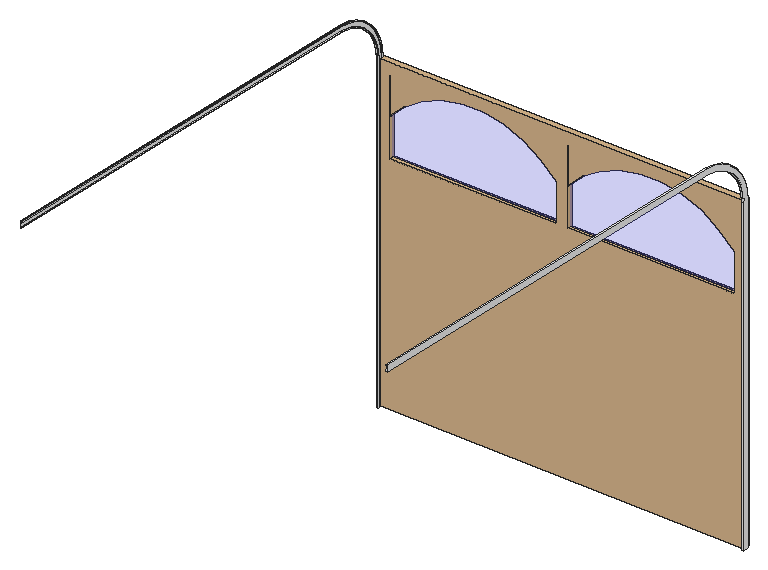
Revit family
Parameters (values of type "7Ft H x 8Ft W")
  Track Width = Width + 0' 2"  # 8' - 2"
  Track Height = Height + 1' 0"  # 8' - 0"
  Track Depth = 10' - 0"
  Track = Metal
  SmartBIM Object Version = 1  # constant formula
  SmartBIM Object Created By = "Reed Construction Data"  # constant formula
  Rough Width = 0' - 0"
  Rough Height = 0' - 0"
  Panel Thickness = 0' - 1 1/2"
  Manufacturer = ""
  Height = 7' - 0"
  Wall Closure = (empty or 0)
  Width = 8' - 0"
  Door Glass = Glass
  Door = Wood
  95 CSI = "08360"  # constant formula
  04 CSI = "08 36 13"  # constant formula
Types (3): name | Track Width | Width
  (no name) | 8' - 2" | 8' - 0"
  7Ft H x 8Ft W | 8' - 2" | 8' - 0"
  7Ft H x 16Ft W | 16' - 2" | 16' - 0"
Reference planes (in)
  plane 1 "Center (Front/Back)": y = 0
  plane 2 "Center (Left/Right)": x = 0
  plane 3 "Left": x = -48
  plane 4 "Right": x = 48
  plane 5 "Top": z = 84
  plane 6: x = -49
  plane 7: x = 49
  plane 8: y = -3.25
  plane 9: z = 60.75
  plane 10: z = 20.25
  plane 11: z = 40.5
  plane 12: z = 81
  plane 13: x = 24
  plane 14: x = -24
  plane 15: y = -2.5
  plane 16: y = -2.5
  plane 17 "Ext": y = -3.25
  plane 18: y = -2.5
  plane 19 "Int": y = -1.75
  plane 20: y = -2.5
  plane 21: z = 70.875
  plane 22: y = -3.0625
  plane 23: y = -1.9375
Forms (in)
  Extrusion 1, solid, material "Wood" <- "Door"
    sketch origin (0, 0, 0) x (1, 0, 0) y (0, 0, 1)
      loop
        line (-49, 84) -> (-49, 0) -> (49, 0) -> (49, 84) -> (-49, 84)
      loop
        line (46.5, 60.75) -> (46.5, 70.875)
        arc (46.5, 70.875) -> (24, 81) -> (1.5, 70.875) r 30.0625
        line (1.5, 70.875) -> (1.5, 60.75) -> (46.5, 60.75)
      loop
        line (-1.5, 60.75) -> (-1.5, 70.875)
        arc (-1.5, 70.875) -> (-24, 81) -> (-46.5, 70.875) r 30.0625
        line (-46.5, 70.875) -> (-46.5, 60.75) -> (-1.5, 60.75)
    from 1.75 to 3.25
  Extrusion 2, solid, material "Glass" <- "Door Glass"
    sketch origin (0, -3.25, 0) x (1, 0, 0) y (0, 0, 1)
      loop
        line (-1.5, 81) -> (-46.5, 81) -> (-46.5, 60.75) -> (-1.5, 60.75) -> (-1.5, 81)
      loop
        line (46.5, 81) -> (1.5, 81) -> (1.5, 60.75) -> (46.5, 60.75) -> (46.5, 81)
    from -0.875 to -0.625
  Extrusion 3, void
    sketch origin (0, -3.25, 0) x (1, 0, 0) y (0, 0, 1)
      loop
        arc (1.5, 70.875) -> (24, 80.94953) -> (46.5, 70.875) r 30.1625
        line (46.5, 70.875) -> (46.5, 81) -> (1.5, 81) -> (1.5, 70.875)
      loop
        line (-46.5, 81) -> (-46.5, 70.875)
        arc (-46.5, 70.875) -> (-24, 80.94953) -> (-1.5, 70.875) r 30.1625
        line (-1.5, 70.875) -> (-1.5, 81) -> (-46.5, 81)
    from -1.3125 to -0.1875
Cuts and joins
  Extrusion 3 cuts Extrusion 1
  Extrusion 3 cuts Extrusion 2
Lines and regions (in)
  Opening 1
    outline origin (-104, -1.75, 0) x (1, 0, 0) y (0, 0, 1)
      loop
        line (56, 0) -> (152, 0) -> (152, 84) -> (56, 84) -> (56, 0)
  model lines
    curve 1: line (25.5, -3.25, 59.25) -> (25.5, -3.25, 42)
    curve 2: line (25.5, -3.25, 42) -> (46.5, -3.25, 42)
    curve 3: line (46.5, -3.25, 42) -> (46.5, -3.25, 59.25)
    curve 4: line (46.5, -3.25, 59.25) -> (25.5, -3.25, 59.25)
    curve 5: line (45, -3.25, 57.75) -> (27, -3.25, 57.75)
    curve 6: line (27, -3.25, 57.75) -> (27, -3.25, 43.5)
    curve 7: line (27, -3.25, 43.5) -> (45, -3.25, 43.5)
    curve 8: line (45, -3.25, 43.5) -> (45, -3.25, 57.75)
    curve 9: line (1.5, -3.25, 59.25) -> (1.5, -3.25, 42)
    curve 10: line (1.5, -3.25, 42) -> (22.5, -3.25, 42)
    curve 11: line (22.5, -3.25, 42) -> (22.5, -3.25, 59.25)
    curve 12: line (22.5, -3.25, 59.25) -> (1.5, -3.25, 59.25)
    curve 13: line (21, -3.25, 57.75) -> (3, -3.25, 57.75)
    curve 14: line (3, -3.25, 57.75) -> (3, -3.25, 43.5)
    curve 15: line (3, -3.25, 43.5) -> (21, -3.25, 43.5)
    curve 16: line (21, -3.25, 43.5) -> (21, -3.25, 57.75)
    curve 17: line (-1.5, -3.25, 59.25) -> (-1.5, -3.25, 42)
    curve 18: line (-1.5, -3.25, 42) -> (-22.5, -3.25, 42)
    curve 19: line (-22.5, -3.25, 42) -> (-22.5, -3.25, 59.25)
    curve 20: line (-22.5, -3.25, 59.25) -> (-1.5, -3.25, 59.25)
    curve 21: line (-21, -3.25, 57.75) -> (-3, -3.25, 57.75)
    curve 22: line (-3, -3.25, 57.75) -> (-3, -3.25, 43.5)
    curve 23: line (-3, -3.25, 43.5) -> (-21, -3.25, 43.5)
    curve 24: line (-21, -3.25, 43.5) -> (-21, -3.25, 57.75)
    curve 25: line (-46.5, -3.25, 59.25) -> (-46.5, -3.25, 42)
    curve 26: line (-46.5, -3.25, 42) -> (-25.5, -3.25, 42)
    curve 27: line (-25.5, -3.25, 42) -> (-25.5, -3.25, 59.25)
    curve 28: line (-25.5, -3.25, 59.25) -> (-46.5, -3.25, 59.25)
    curve 29: line (-27, -3.25, 57.75) -> (-45, -3.25, 57.75)
    curve 30: line (-45, -3.25, 57.75) -> (-45, -3.25, 43.5)
    curve 31: line (-45, -3.25, 43.5) -> (-27, -3.25, 43.5)
    curve 32: line (-27, -3.25, 43.5) -> (-27, -3.25, 57.75)
    curve 33: line (-46.5, -3.25, 39) -> (-46.5, -3.25, 21.75)
    curve 34: line (-46.5, -3.25, 21.75) -> (-25.5, -3.25, 21.75)
    curve 35: line (-25.5, -3.25, 21.75) -> (-25.5, -3.25, 39)
    curve 36: line (-25.5, -3.25, 39) -> (-46.5, -3.25, 39)
    curve 37: line (-27, -3.25, 37.5) -> (-45, -3.25, 37.5)
    curve 38: line (-45, -3.25, 37.5) -> (-45, -3.25, 23.25)
    curve 39: line (-45, -3.25, 23.25) -> (-27, -3.25, 23.25)
    curve 40: line (-27, -3.25, 23.25) -> (-27, -3.25, 37.5)
    curve 41: line (-22.5, -3.25, 39) -> (-22.5, -3.25, 21.75)
    curve 42: line (-22.5, -3.25, 21.75) -> (-1.5, -3.25, 21.75)
    curve 43: line (-1.5, -3.25, 21.75) -> (-1.5, -3.25, 39)
    curve 44: line (-1.5, -3.25, 39) -> (-22.5, -3.25, 39)
    curve 45: line (-3, -3.25, 37.5) -> (-21, -3.25, 37.5)
    curve 46: line (-21, -3.25, 37.5) -> (-21, -3.25, 23.25)
    curve 47: line (-21, -3.25, 23.25) -> (-3, -3.25, 23.25)
    curve 48: line (-3, -3.25, 23.25) -> (-3, -3.25, 37.5)
    curve 49: line (22.5, -3.25, 39) -> (22.5, -3.25, 21.75)
    curve 50: line (22.5, -3.25, 21.75) -> (1.5, -3.25, 21.75)
    curve 51: line (1.5, -3.25, 21.75) -> (1.5, -3.25, 39)
    curve 52: line (1.5, -3.25, 39) -> (22.5, -3.25, 39)
    curve 53: line (3, -3.25, 37.5) -> (21, -3.25, 37.5)
    curve 54: line (21, -3.25, 37.5) -> (21, -3.25, 23.25)
    curve 55: line (21, -3.25, 23.25) -> (3, -3.25, 23.25)
    curve 56: line (3, -3.25, 23.25) -> (3, -3.25, 37.5)
    curve 57: line (25.5, -3.25, 39) -> (25.5, -3.25, 21.75)
    curve 58: line (25.5, -3.25, 21.75) -> (46.5, -3.25, 21.75)
    curve 59: line (46.5, -3.25, 21.75) -> (46.5, -3.25, 39)
    curve 60: line (46.5, -3.25, 39) -> (25.5, -3.25, 39)
    curve 61: line (45, -3.25, 37.5) -> (27, -3.25, 37.5)
    curve 62: line (27, -3.25, 37.5) -> (27, -3.25, 23.25)
    curve 63: line (27, -3.25, 23.25) -> (45, -3.25, 23.25)
    curve 64: line (45, -3.25, 23.25) -> (45, -3.25, 37.5)
    curve 65: line (-46.5, -3.25, 1.5) -> (-46.5, -3.25, 18.75)
    curve 66: line (-46.5, -3.25, 18.75) -> (-25.5, -3.25, 18.75)
    curve 67: line (-25.5, -3.25, 18.75) -> (-25.5, -3.25, 1.5)
    curve 68: line (-25.5, -3.25, 1.5) -> (-46.5, -3.25, 1.5)
    curve 69: line (-27, -3.25, 3) -> (-45, -3.25, 3)
    curve 70: line (-45, -3.25, 3) -> (-45, -3.25, 17.25)
    curve 71: line (-45, -3.25, 17.25) -> (-27, -3.25, 17.25)
    curve 72: line (-27, -3.25, 17.25) -> (-27, -3.25, 3)
    curve 73: line (-1.5, -3.25, 1.5) -> (-1.5, -3.25, 18.75)
    curve 74: line (-1.5, -3.25, 18.75) -> (-22.5, -3.25, 18.75)
    curve 75: line (-22.5, -3.25, 18.75) -> (-22.5, -3.25, 1.5)
    curve 76: line (-22.5, -3.25, 1.5) -> (-1.5, -3.25, 1.5)
    curve 77: line (-21, -3.25, 3) -> (-3, -3.25, 3)
    curve 78: line (-3, -3.25, 3) -> (-3, -3.25, 17.25)
    curve 79: line (-3, -3.25, 17.25) -> (-21, -3.25, 17.25)
    curve 80: line (-21, -3.25, 17.25) -> (-21, -3.25, 3)
    curve 81: line (1.5, -3.25, 1.5) -> (1.5, -3.25, 18.75)
    curve 82: line (1.5, -3.25, 18.75) -> (22.5, -3.25, 18.75)
    curve 83: line (22.5, -3.25, 18.75) -> (22.5, -3.25, 1.5)
    curve 84: line (22.5, -3.25, 1.5) -> (1.5, -3.25, 1.5)
    curve 85: line (21, -3.25, 3) -> (3, -3.25, 3)
    curve 86: line (3, -3.25, 3) -> (3, -3.25, 17.25)
    curve 87: line (3, -3.25, 17.25) -> (21, -3.25, 17.25)
    curve 88: line (21, -3.25, 17.25) -> (21, -3.25, 3)
    curve 89: line (46.5, -3.25, 1.5) -> (46.5, -3.25, 18.75)
    curve 90: line (46.5, -3.25, 18.75) -> (25.5, -3.25, 18.75)
    curve 91: line (25.5, -3.25, 18.75) -> (25.5, -3.25, 1.5)
    curve 92: line (25.5, -3.25, 1.5) -> (46.5, -3.25, 1.5)
    curve 93: line (27, -3.25, 3) -> (45, -3.25, 3)
    curve 94: line (45, -3.25, 3) -> (45, -3.25, 17.25)
    curve 95: line (45, -3.25, 17.25) -> (27, -3.25, 17.25)
    curve 96: line (27, -3.25, 17.25) -> (27, -3.25, 3)
    curve 97: line (25.5, -1.75, 59.25) -> (25.5, -1.75, 42)
    curve 98: line (25.5, -1.75, 42) -> (46.5, -1.75, 42)
    curve 99: line (46.5, -1.75, 42) -> (46.5, -1.75, 59.25)
    curve 100: line (46.5, -1.75, 59.25) -> (25.5, -1.75, 59.25)
    curve 101: line (45, -1.75, 57.75) -> (27, -1.75, 57.75)
    curve 102: line (27, -1.75, 57.75) -> (27, -1.75, 43.5)
    curve 103: line (27, -1.75, 43.5) -> (45, -1.75, 43.5)
    curve 104: line (45, -1.75, 43.5) -> (45, -1.75, 57.75)
    curve 105: line (1.5, -1.75, 59.25) -> (1.5, -1.75, 42)
    curve 106: line (1.5, -1.75, 42) -> (22.5, -1.75, 42)
    curve 107: line (22.5, -1.75, 42) -> (22.5, -1.75, 59.25)
    curve 108: line (22.5, -1.75, 59.25) -> (1.5, -1.75, 59.25)
    curve 109: line (21, -1.75, 57.75) -> (3, -1.75, 57.75)
    curve 110: line (3, -1.75, 57.75) -> (3, -1.75, 43.5)
    curve 111: line (3, -1.75, 43.5) -> (21, -1.75, 43.5)
    curve 112: line (21, -1.75, 43.5) -> (21, -1.75, 57.75)
    curve 113: line (-1.5, -1.75, 59.25) -> (-1.5, -1.75, 42)
    curve 114: line (-1.5, -1.75, 42) -> (-22.5, -1.75, 42)
    curve 115: line (-22.5, -1.75, 42) -> (-22.5, -1.75, 59.25)
    curve 116: line (-22.5, -1.75, 59.25) -> (-1.5, -1.75, 59.25)
    curve 117: line (-21, -1.75, 57.75) -> (-3, -1.75, 57.75)
    curve 118: line (-3, -1.75, 57.75) -> (-3, -1.75, 43.5)
    curve 119: line (-3, -1.75, 43.5) -> (-21, -1.75, 43.5)
    curve 120: line (-21, -1.75, 43.5) -> (-21, -1.75, 57.75)
    curve 121: line (-46.5, -1.75, 59.25) -> (-46.5, -1.75, 42)
    curve 122: line (-46.5, -1.75, 42) -> (-25.5, -1.75, 42)
    curve 123: line (-25.5, -1.75, 42) -> (-25.5, -1.75, 59.25)
    curve 124: line (-25.5, -1.75, 59.25) -> (-46.5, -1.75, 59.25)
    curve 125: line (-27, -1.75, 57.75) -> (-45, -1.75, 57.75)
    curve 126: line (-45, -1.75, 57.75) -> (-45, -1.75, 43.5)
    curve 127: line (-45, -1.75, 43.5) -> (-27, -1.75, 43.5)
    curve 128: line (-27, -1.75, 43.5) -> (-27, -1.75, 57.75)
    curve 129: line (-46.5, -1.75, 39) -> (-46.5, -1.75, 21.75)
    curve 130: line (-46.5, -1.75, 21.75) -> (-25.5, -1.75, 21.75)
    curve 131: line (-25.5, -1.75, 21.75) -> (-25.5, -1.75, 39)
    curve 132: line (-25.5, -1.75, 39) -> (-46.5, -1.75, 39)
    curve 133: line (-27, -1.75, 37.5) -> (-45, -1.75, 37.5)
    curve 134: line (-45, -1.75, 37.5) -> (-45, -1.75, 23.25)
    curve 135: line (-45, -1.75, 23.25) -> (-27, -1.75, 23.25)
    curve 136: line (-27, -1.75, 23.25) -> (-27, -1.75, 37.5)
    curve 137: line (-22.5, -1.75, 39) -> (-22.5, -1.75, 21.75)
    curve 138: line (-22.5, -1.75, 21.75) -> (-1.5, -1.75, 21.75)
    curve 139: line (-1.5, -1.75, 21.75) -> (-1.5, -1.75, 39)
    curve 140: line (-1.5, -1.75, 39) -> (-22.5, -1.75, 39)
    curve 141: line (-3, -1.75, 37.5) -> (-21, -1.75, 37.5)
    curve 142: line (-21, -1.75, 37.5) -> (-21, -1.75, 23.25)
    curve 143: line (-21, -1.75, 23.25) -> (-3, -1.75, 23.25)
    curve 144: line (-3, -1.75, 23.25) -> (-3, -1.75, 37.5)
    curve 145: line (22.5, -1.75, 39) -> (22.5, -1.75, 21.75)
    curve 146: line (22.5, -1.75, 21.75) -> (1.5, -1.75, 21.75)
    curve 147: line (1.5, -1.75, 21.75) -> (1.5, -1.75, 39)
    curve 148: line (1.5, -1.75, 39) -> (22.5, -1.75, 39)
    curve 149: line (3, -1.75, 37.5) -> (21, -1.75, 37.5)
    curve 150: line (21, -1.75, 37.5) -> (21, -1.75, 23.25)
    curve 151: line (21, -1.75, 23.25) -> (3, -1.75, 23.25)
    curve 152: line (3, -1.75, 23.25) -> (3, -1.75, 37.5)
    curve 153: line (25.5, -1.75, 39) -> (25.5, -1.75, 21.75)
    curve 154: line (25.5, -1.75, 21.75) -> (46.5, -1.75, 21.75)
    curve 155: line (46.5, -1.75, 21.75) -> (46.5, -1.75, 39)
    curve 156: line (46.5, -1.75, 39) -> (25.5, -1.75, 39)
    curve 157: line (45, -1.75, 37.5) -> (27, -1.75, 37.5)
    curve 158: line (27, -1.75, 37.5) -> (27, -1.75, 23.25)
    curve 159: line (27, -1.75, 23.25) -> (45, -1.75, 23.25)
    curve 160: line (45, -1.75, 23.25) -> (45, -1.75, 37.5)
    curve 161: line (-46.5, -1.75, 1.5) -> (-46.5, -1.75, 18.75)
    curve 162: line (-46.5, -1.75, 18.75) -> (-25.5, -1.75, 18.75)
    curve 163: line (-25.5, -1.75, 18.75) -> (-25.5, -1.75, 1.5)
    curve 164: line (-25.5, -1.75, 1.5) -> (-46.5, -1.75, 1.5)
    curve 165: line (-27, -1.75, 3) -> (-45, -1.75, 3)
    curve 166: line (-45, -1.75, 3) -> (-45, -1.75, 17.25)
    curve 167: line (-45, -1.75, 17.25) -> (-27, -1.75, 17.25)
    curve 168: line (-27, -1.75, 17.25) -> (-27, -1.75, 3)
    curve 169: line (-1.5, -1.75, 1.5) -> (-1.5, -1.75, 18.75)
    curve 170: line (-1.5, -1.75, 18.75) -> (-22.5, -1.75, 18.75)
    curve 171: line (-22.5, -1.75, 18.75) -> (-22.5, -1.75, 1.5)
    curve 172: line (-22.5, -1.75, 1.5) -> (-1.5, -1.75, 1.5)
    curve 173: line (-21, -1.75, 3) -> (-3, -1.75, 3)
    curve 174: line (-3, -1.75, 3) -> (-3, -1.75, 17.25)
    curve 175: line (-3, -1.75, 17.25) -> (-21, -1.75, 17.25)
    curve 176: line (-21, -1.75, 17.25) -> (-21, -1.75, 3)
    curve 177: line (1.5, -1.75, 1.5) -> (1.5, -1.75, 18.75)
    curve 178: line (1.5, -1.75, 18.75) -> (22.5, -1.75, 18.75)
    curve 179: line (22.5, -1.75, 18.75) -> (22.5, -1.75, 1.5)
    curve 180: line (22.5, -1.75, 1.5) -> (1.5, -1.75, 1.5)
    curve 181: line (21, -1.75, 3) -> (3, -1.75, 3)
    curve 182: line (3, -1.75, 3) -> (3, -1.75, 17.25)
    curve 183: line (3, -1.75, 17.25) -> (21, -1.75, 17.25)
    curve 184: line (21, -1.75, 17.25) -> (21, -1.75, 3)
    curve 185: line (46.5, -1.75, 1.5) -> (46.5, -1.75, 18.75)
    curve 186: line (46.5, -1.75, 18.75) -> (25.5, -1.75, 18.75)
    curve 187: line (25.5, -1.75, 18.75) -> (25.5, -1.75, 1.5)
    curve 188: line (25.5, -1.75, 1.5) -> (46.5, -1.75, 1.5)
    curve 189: line (27, -1.75, 3) -> (45, -1.75, 3)
    curve 190: line (45, -1.75, 3) -> (45, -1.75, 17.25)
    curve 191: line (45, -1.75, 17.25) -> (27, -1.75, 17.25)
    curve 192: line (27, -1.75, 17.25) -> (27, -1.75, 3)
    curve 193: line (3, -1.75, 57.75) -> (1.5, -1.75, 59.25)
    curve 194: line (3, -1.75, 43.5) -> (1.5, -1.75, 42)
    curve 195: line (21, -1.75, 57.75) -> (22.5, -1.75, 59.25)
    curve 196: line (21, -1.75, 43.5) -> (22.5, -1.75, 42)
    curve 197: line (45, -1.75, 57.75) -> (46.5, -1.75, 59.25)
    curve 198: line (45, -1.75, 43.5) -> (46.5, -1.75, 42)
    curve 199: line (27, -1.75, 57.75) -> (25.5, -1.75, 59.25)
    curve 200: line (27, -1.75, 43.5) -> (25.5, -1.75, 42)
    curve 201: line (45, -1.75, 23.25) -> (46.5, -1.75, 21.75)
    curve 202: line (45, -1.75, 37.5) -> (46.5, -1.75, 39)
    curve 203: line (27, -1.75, 23.25) -> (25.5, -1.75, 21.75)
    curve 204: line (27, -1.75, 37.5) -> (25.5, -1.75, 39)
    curve 205: line (45, -1.75, 17.25) -> (46.5, -1.75, 18.75)
    curve 206: line (45, -1.75, 3) -> (46.5, -1.75, 1.5)
    curve 207: line (27, -1.75, 17.25) -> (25.5, -1.75, 18.75)
    curve 208: line (27, -1.75, 3) -> (25.5, -1.75, 1.5)
    curve 209: line (3, -1.75, 17.25) -> (1.5, -1.75, 18.75)
    curve 210: line (3, -1.75, 3) -> (1.5, -1.75, 1.5)
    curve 211: line (21, -1.75, 17.25) -> (22.5, -1.75, 18.75)
    curve 212: line (21, -1.75, 3) -> (22.5, -1.75, 1.5)
    curve 213: line (-3, -1.75, 17.25) -> (-1.5, -1.75, 18.75)
    curve 214: line (-3, -1.75, 3) -> (-1.5, -1.75, 1.5)
    curve 215: line (-21, -1.75, 17.25) -> (-22.5, -1.75, 18.75)
    curve 216: line (-21, -1.75, 3) -> (-22.5, -1.75, 1.5)
    curve 217: line (-45, -1.75, 17.25) -> (-46.5, -1.75, 18.75)
    curve 218: line (-45, -1.75, 3) -> (-46.5, -1.75, 1.5)
    curve 219: line (-27, -1.75, 17.25) -> (-25.5, -1.75, 18.75)
    curve 220: line (-27, -1.75, 3) -> (-25.5, -1.75, 1.5)
    curve 221: line (-45, -1.75, 23.25) -> (-46.5, -1.75, 21.75)
    curve 222: line (-45, -1.75, 37.5) -> (-46.5, -1.75, 39)
    curve 223: line (-27, -1.75, 23.25) -> (-25.5, -1.75, 21.75)
    curve 224: line (-27, -1.75, 37.5) -> (-25.5, -1.75, 39)
    curve 225: line (-3, -1.75, 23.25) -> (-1.5, -1.75, 21.75)
    curve 226: line (-3, -1.75, 37.5) -> (-1.5, -1.75, 39)
    curve 227: line (-21, -1.75, 23.25) -> (-22.5, -1.75, 21.75)
    curve 228: line (-21, -1.75, 37.5) -> (-22.5, -1.75, 39)
    curve 229: line (3, -1.75, 23.25) -> (1.5, -1.75, 21.75)
    curve 230: line (3, -1.75, 37.5) -> (1.5, -1.75, 39)
    curve 231: line (21, -1.75, 23.25) -> (22.5, -1.75, 21.75)
    curve 232: line (21, -1.75, 37.5) -> (22.5, -1.75, 39)
    curve 233: line (-3, -1.75, 57.75) -> (-1.5, -1.75, 59.25)
    curve 234: line (-3, -1.75, 43.5) -> (-1.5, -1.75, 42)
    curve 235: line (-21, -1.75, 57.75) -> (-22.5, -1.75, 59.25)
    curve 236: line (-21, -1.75, 43.5) -> (-22.5, -1.75, 42)
    curve 237: line (-45, -1.75, 57.75) -> (-46.5, -1.75, 59.25)
    curve 238: line (-45, -1.75, 43.5) -> (-46.5, -1.75, 42)
    curve 239: line (-27, -1.75, 57.75) -> (-25.5, -1.75, 59.25)
    curve 240: line (-27, -1.75, 43.5) -> (-25.5, -1.75, 42)
    curve 241: line (-45, -3.25, 57.75) -> (-46.5, -3.25, 59.25)
    curve 242: line (-27, -3.25, 57.75) -> (-25.5, -3.25, 59.25)
    curve 243: line (-45, -3.25, 43.5) -> (-46.5, -3.25, 42)
    curve 244: line (-27, -3.25, 43.5) -> (-25.5, -3.25, 42)
    curve 245: line (-3, -3.25, 57.75) -> (-1.5, -3.25, 59.25)
    curve 246: line (-21, -3.25, 57.75) -> (-22.5, -3.25, 59.25)
    curve 247: line (-3, -3.25, 43.5) -> (-1.5, -3.25, 42)
    curve 248: line (-21, -3.25, 43.5) -> (-22.5, -3.25, 42)
    curve 249: line (3, -3.25, 57.75) -> (1.5, -3.25, 59.25)
    curve 250: line (21, -3.25, 57.75) -> (22.5, -3.25, 59.25)
    curve 251: line (3, -3.25, 43.5) -> (1.5, -3.25, 42)
    curve 252: line (21, -3.25, 43.5) -> (22.5, -3.25, 42)
    curve 253: line (45, -3.25, 57.75) -> (46.5, -3.25, 59.25)
    curve 254: line (27, -3.25, 57.75) -> (25.5, -3.25, 59.25)
    curve 255: line (45, -3.25, 43.5) -> (46.5, -3.25, 42)
    curve 256: line (27, -3.25, 43.5) -> (25.5, -3.25, 42)
    curve 257: line (45, -3.25, 23.25) -> (46.5, -3.25, 21.75)
    curve 258: line (27, -3.25, 23.25) -> (25.5, -3.25, 21.75)
    curve 259: line (45, -3.25, 37.5) -> (46.5, -3.25, 39)
    curve 260: line (27, -3.25, 37.5) -> (25.5, -3.25, 39)
    curve 261: line (3, -3.25, 23.25) -> (1.5, -3.25, 21.75)
    curve 262: line (21, -3.25, 23.25) -> (22.5, -3.25, 21.75)
    curve 263: line (3, -3.25, 37.5) -> (1.5, -3.25, 39)
    curve 264: line (21, -3.25, 37.5) -> (22.5, -3.25, 39)
    curve 265: line (-3, -3.25, 23.25) -> (-1.5, -3.25, 21.75)
    curve 266: line (-21, -3.25, 23.25) -> (-22.5, -3.25, 21.75)
    curve 267: line (-3, -3.25, 37.5) -> (-1.5, -3.25, 39)
    curve 268: line (-21, -3.25, 37.5) -> (-22.5, -3.25, 39)
    curve 269: line (-45, -3.25, 23.25) -> (-46.5, -3.25, 21.75)
    curve 270: line (-27, -3.25, 23.25) -> (-25.5, -3.25, 21.75)
    curve 271: line (-45, -3.25, 37.5) -> (-46.5, -3.25, 39)
    curve 272: line (-27, -3.25, 37.5) -> (-25.5, -3.25, 39)
    curve 273: line (-45, -3.25, 17.25) -> (-46.5, -3.25, 18.75)
    curve 274: line (-27, -3.25, 17.25) -> (-25.5, -3.25, 18.75)
    curve 275: line (-45, -3.25, 3) -> (-46.5, -3.25, 1.5)
    curve 276: line (-27, -3.25, 3) -> (-25.5, -3.25, 1.5)
    curve 277: line (-3, -3.25, 17.25) -> (-1.5, -3.25, 18.75)
    curve 278: line (-21, -3.25, 17.25) -> (-22.5, -3.25, 18.75)
    curve 279: line (-3, -3.25, 3) -> (-1.5, -3.25, 1.5)
    curve 280: line (-21, -3.25, 3) -> (-22.5, -3.25, 1.5)
    curve 281: line (3, -3.25, 17.25) -> (1.5, -3.25, 18.75)
    curve 282: line (21, -3.25, 17.25) -> (22.5, -3.25, 18.75)
    curve 283: line (3, -3.25, 3) -> (1.5, -3.25, 1.5)
    curve 284: line (21, -3.25, 3) -> (22.5, -3.25, 1.5)
    curve 285: line (45, -3.25, 17.25) -> (46.5, -3.25, 18.75)
    curve 286: line (27, -3.25, 17.25) -> (25.5, -3.25, 18.75)
    curve 287: line (45, -3.25, 3) -> (46.5, -3.25, 1.5)
    curve 288: line (27, -3.25, 3) -> (25.5, -3.25, 1.5)
Text (in)
  text "Exterior" at (-74.96733, 27.31104, 0), in view "Ref. Level"
  text "Interior" at (-76.69036, -30.31274, 0), in view "Ref. Level"
  text "Exterior" at (0, 40.15149, 123.01588), in view "Right"
  text "Interior" at (0, -64.39139, 123.01588), in view "Right"
  text "Interior" at (0, -31.01599, 123.00693), in view "Left"
  text "Exterior" at (0, 54.57065, 123.00693), in view "Left"
Dimensions and locks (in)
  equal spacing: plane 3 "Left", plane 2 "Center (Left/Right)", plane 4 "Right"
  "Height": level to plane 5 "Top"
  "Width": plane 3 "Left" to plane 4 "Right"
  locked: plane 6 to plane 3 "Left" at 1
  locked: plane 4 "Right" to plane 7 at 1
  locked: plane 12 to plane 5 "Top" at 3
  equal spacing: level, plane 10, plane 11, plane 9, plane 12
  equal spacing: plane 2 "Center (Left/Right)", plane 13, plane 4 "Right"
  equal spacing: plane 2 "Center (Left/Right)", plane 14, plane 3 "Left"
  locked: Extrusion 1 sketch curve to plane 4 "Right" at 1.5
  locked: Extrusion 1 sketch curve to plane 3 "Left" at 1.5
  host wall to plane 15 to plane 8 = 0' - 0 3/4", 0' - 0 3/4"
  curve 8 to curve 3 to plane 4 "Right" = 0' - 1 1/2" locked, 0' - 1 1/2" locked
  equal spacing: curve 5, curve 4, plane 9, locked at 1.5 each
  curve 6 to curve 1 to plane 13 = 0' - 1 1/2" locked, 0' - 1 1/2" locked
  plane 11 to curve 2 to curve 7 = 0' - 1 1/2" locked, 0' - 1 1/2" locked
  curve 16 to curve 11 to plane 13 = 0' - 1 1/2" locked, 0' - 1 1/2" locked
  curve 14 to curve 9 to plane 2 "Center (Left/Right)" = 0' - 1 1/2" locked, 0' - 1 1/2" locked
  plane 2 "Center (Left/Right)" to curve 17 to curve 22 = 0' - 1 1/2" locked, 0' - 1 1/2" locked
  plane 14 to curve 24 = 0' - 3"
  curve 32 to curve 27 to plane 14 = 0' - 1 1/2" locked, 0' - 1 1/2" locked
  plane 3 "Left" to curve 25 to curve 30 = 0' - 1 1/2" locked, 0' - 1 1/2" locked
  plane 11 to curve 36 to curve 37 = 0' - 1 1/2" locked, 0' - 1 1/2" locked
  curve 39 to curve 34 to plane 10 = 0' - 1 1/2" locked, 0' - 1 1/2" locked
  plane 10 to curve 66 to curve 71 = 0' - 1 1/2" locked, 0' - 1 1/2" locked
  curve 69 to curve 68 to level = 0' - 1 1/2" locked, 0' - 1 1/2" locked
  equal spacing: plane 17 "Ext", plane 18, plane 19 "Int"
  locked: curve 104 to curve 99 at 1.5
  locked: curve 101 to curve 100 at 1.5
  locked: curve 102 to curve 97 at 1.5
  locked: curve 98 to curve 103 at 1.5
  locked: curve 112 to curve 107 at 1.5
  locked: curve 110 to curve 105 at 1.5
  locked: curve 113 to curve 118 at 1.5
  locked: curve 128 to curve 123 at 1.5
  locked: curve 121 to curve 126 at 1.5
  locked: curve 132 to curve 133 at 1.5
  locked: curve 135 to curve 130 at 1.5
  locked: curve 162 to curve 167 at 1.5
  locked: curve 165 to curve 164 at 1.5
  "Panel Thickness": plane 19 "Int" to plane 17 "Ext"
  locked: Extrusion 2 to Extrusion 2 at 0.25
  plane 20 to host wall = 0' - 2 3/4"
  locked: plane 20 to Extrusion 2 at 0.125
  locked: Extrusion 2 to plane 20 at 0.125
  equal spacing: plane 12, plane 21, plane 9
  locked: plane 12 to Extrusion 1 sketch curve at 0  (x2)
  equal spacing: plane 3 "Left", plane 14, plane 2 "Center (Left/Right)"
  locked: Extrusion 1 to Extrusion 3 sketch curve at 3.05047  (x2)
  locked: plane 23 to plane 20 at 0.5625
  locked: plane 20 to plane 22 at 0.5625
  aligned and locked: plane 3 "Left" to Opening 1 sketch curve
  aligned and locked: plane 5 "Top" to Opening 1 sketch curve  (x2)
  aligned and locked: Opening 1 sketch curve to plane 4 "Right"
  aligned and locked: Opening 1 sketch curve to level
  aligned and locked: Extrusion 1 sketch curve to plane 6
  aligned and locked: Extrusion 1 sketch curve to plane 7
  aligned and locked: Extrusion 1 sketch curve to level
  aligned and locked: Extrusion 1 sketch curve to host wall
  aligned and locked: plane 9 to Extrusion 1 sketch curve  (x3)
  aligned and locked: Extrusion 1 sketch curve to plane 9
  aligned and locked: plane 15 to plane 16
  aligned and locked: curve 30 to curve 38
  aligned and locked: curve 25 to curve 33
  aligned and locked: curve 40 to curve 32
  aligned and locked: curve 35 to curve 27
  aligned and locked: curve 19 to curve 41
  aligned and locked: curve 24 to curve 46
  aligned and locked: curve 44 to curve 36
  aligned and locked: curve 45 to curve 37
  aligned and locked: curve 39 to curve 47
  aligned and locked: curve 34 to curve 42
  aligned and locked: curve 48 to curve 22
  aligned and locked: curve 43 to curve 17
  aligned and locked: curve 44 to curve 52
  aligned and locked: curve 45 to curve 53
  aligned and locked: curve 55 to curve 47
  aligned and locked: curve 50 to curve 42
  aligned and locked: curve 51 to curve 9
  aligned and locked: curve 56 to curve 14
  aligned and locked: curve 11 to curve 49
  aligned and locked: curve 16 to curve 54
  aligned and locked: curve 60 to curve 52
  aligned and locked: curve 61 to curve 53
  aligned and locked: curve 55 to curve 63
  aligned and locked: curve 50 to curve 58
  aligned and locked: curve 1 to curve 57
  aligned and locked: curve 6 to curve 62
  aligned and locked: curve 64 to curve 8
  aligned and locked: curve 59 to curve 3
  aligned and locked: curve 65 to curve 33
  aligned and locked: curve 70 to curve 38
  aligned and locked: curve 40 to curve 72
  aligned and locked: curve 35 to curve 67
  aligned and locked: curve 68 to curve 76
  aligned and locked: curve 74 to curve 66
  aligned and locked: curve 41 to curve 75
  aligned and locked: curve 46 to curve 80
  aligned and locked: curve 78 to curve 48
  aligned and locked: curve 73 to curve 43
  aligned and locked: curve 81 to curve 51
  aligned and locked: curve 86 to curve 56
  aligned and locked: curve 54 to curve 88
  aligned and locked: curve 49 to curve 83
  aligned and locked: curve 74 to curve 82
  aligned and locked: curve 79 to curve 87
  aligned and locked: curve 84 to curve 76
  aligned and locked: curve 85 to curve 77
  aligned and locked: curve 90 to curve 82
  aligned and locked: curve 95 to curve 87
  aligned and locked: curve 84 to curve 92
  aligned and locked: curve 85 to curve 93
  aligned and locked: curve 57 to curve 91
  aligned and locked: curve 62 to curve 96
  aligned and locked: curve 94 to curve 64
  aligned and locked: curve 89 to curve 59
  aligned and locked: host wall to plane 19 "Int"
  aligned and locked: plane 16 to plane 18
  aligned and locked: plane 17 "Ext" to Extrusion 1
  aligned and locked: Extrusion 1 to host wall
  aligned and locked: curve 241 to curve 237
  aligned and locked: plane 20 to plane 18
  aligned and locked: plane 6 to Extrusion 1 sketch curve
  aligned and locked: plane 21 to Extrusion 1 sketch curve  (x4)
  aligned and locked: Extrusion 2 sketch curve to Extrusion 1  (x6)
  aligned and locked: nested 1 to plane 2 "Center (Left/Right)"
  aligned and locked: nested 1 to plane 17 "Ext"
  aligned and locked: Extrusion 2 sketch curve to plane 12
  aligned and locked: Extrusion 3 sketch curve to plane 12  (x2)
  aligned and locked: Extrusion 1 to Extrusion 3 sketch curve  (x2)
  aligned and locked: Extrusion 3 sketch curve to Extrusion 1  (x2)
  aligned and locked: Extrusion 3 to plane 23
  aligned and locked: plane 22 to Extrusion 3
Automatic sketch dimensions
  Extrusion 1 sketch curve to plane 14 = 0' - 0"
  Extrusion 1 sketch curve to plane 13 = 0' - 0"
  curve 19 to plane 14 = 0' - 1 1/2"
  curve 83 to curve 284 = 0' - 1 1/2"
  curve 286 to curve 90 = 0' - 1 1/2"
  plane 11 to curve 19 = 0' - 1 1/2"
  plane 11 to curve 25 = 0' - 1 1/2"
  plane 11 to curve 9 = 0' - 1 1/2"
  curve 26 to curve 32 = 0' - 1 1/2"
  curve 9 to curve 251 = 0' - 1 1/2"
  curve 18 to curve 248 = 0' - 1 1/2"
  curve 22 to plane 9 = 0' - 3"
  curve 13 to plane 9 = 0' - 3"
  curve 250 to plane 9 = 0' - 1 1/2"
  curve 246 to plane 9 = 0' - 1 1/2"
  curve 124 to plane 3 "Left" = 0' - 1 1/2"
  curve 222 to plane 3 "Left" = 0' - 1 1/2"
  curve 218 to plane 3 "Left" = 0' - 1 1/2"
  curve 161 to curve 217 = 0' - 1 1/2"
  curve 129 to curve 222 = 0' - 1 1/2"
  plane 14 to curve 135 = 0' - 3"
  plane 14 to curve 168 = 0' - 3"
  plane 14 to curve 128 = 0' - 3"
  plane 14 to curve 164 = 0' - 1 1/2"
  plane 14 to curve 224 = 0' - 1 1/2"
  curve 115 to plane 14 = 0' - 1 1/2"
  curve 216 to plane 14 = 0' - 1 1/2"
  curve 227 to plane 14 = 0' - 1 1/2"
  curve 137 to curve 142 = 0' - 1 1/2"
  curve 114 to curve 119 = 0' - 1 1/2"
  curve 171 to curve 173 = 0' - 1 1/2"
  curve 119 to plane 2 "Center (Left/Right)" = 0' - 3"
  curve 214 to plane 2 "Center (Left/Right)" = 0' - 3"
  curve 226 to plane 2 "Center (Left/Right)" = 0' - 3"
  curve 169 to plane 2 "Center (Left/Right)" = 0' - 1 1/2"
  curve 140 to plane 2 "Center (Left/Right)" = 0' - 1 1/2"
  plane 2 "Center (Left/Right)" to curve 194 = 0' - 1 1/2"
  plane 2 "Center (Left/Right)" to curve 230 = 0' - 1 1/2"
  plane 2 "Center (Left/Right)" to curve 210 = 0' - 1 1/2"
  curve 177 to curve 209 = 0' - 1 1/2"
  curve 147 to curve 152 = 0' - 1 1/2"
  plane 13 to curve 184 = 0' - 3"
  plane 13 to curve 196 = 0' - 3"
  plane 13 to curve 150 = 0' - 3"
  plane 13 to curve 212 = 0' - 1 1/2"
  plane 13 to curve 145 = 0' - 1 1/2"
  curve 203 to plane 13 = 0' - 1 1/2"
  curve 186 to plane 13 = 0' - 1 1/2"
  curve 200 to plane 13 = 0' - 1 1/2"
  curve 187 to curve 208 = 0' - 1 1/2"
  curve 153 to curve 159 = 0' - 1 1/2"
  plane 4 "Right" to curve 190 = 0' - 3"
  plane 4 "Right" to curve 197 = 0' - 3"
  plane 4 "Right" to curve 201 = 0' - 3"
  plane 4 "Right" to curve 205 = 0' - 1 1/2"
  plane 4 "Right" to curve 202 = 0' - 1 1/2"
  level to curve 169 = 0' - 1 1/2"
  level to curve 218 = 0' - 1 1/2"
  level to curve 212 = 0' - 1 1/2"
  level to curve 206 = 0' - 1 1/2"
  curve 177 to curve 210 = 0' - 1 1/2"
  curve 171 to curve 176 = 0' - 1 1/2"
  curve 185 to curve 190 = 0' - 1 1/2"
  curve 217 to plane 10 = 0' - 3"
  curve 205 to plane 10 = 0' - 3"
  curve 215 to plane 10 = 0' - 3"
  curve 209 to plane 10 = 0' - 3"
  curve 177 to plane 10 = 0' - 1 1/2"
  curve 207 to plane 10 = 0' - 1 1/2"
  curve 170 to plane 10 = 0' - 1 1/2"
  plane 10 to curve 201 = 0' - 1 1/2"
  plane 10 to curve 145 = 0' - 1 1/2"
  plane 10 to curve 129 = 0' - 1 1/2"
  plane 10 to curve 139 = 0' - 1 1/2"
  curve 145 to curve 231 = 0' - 1 1/2"
  curve 153 to curve 158 = 0' - 1 1/2"
  curve 138 to curve 144 = 0' - 1 1/2"
  curve 204 to plane 11 = 0' - 3"
  curve 226 to plane 11 = 0' - 3"
  curve 224 to plane 11 = 0' - 3"
  curve 230 to plane 11 = 0' - 3"
  curve 139 to plane 11 = 0' - 1 1/2"
  curve 145 to plane 11 = 0' - 1 1/2"
  curve 202 to plane 11 = 0' - 1 1/2"
  plane 11 to curve 107 = 0' - 1 1/2"
  plane 11 to curve 113 = 0' - 1 1/2"
  plane 11 to curve 121 = 0' - 1 1/2"
  plane 11 to curve 198 = 0' - 1 1/2"
  curve 122 to curve 240 = 0' - 1 1/2"
  curve 105 to curve 110 = 0' - 1 1/2"
  curve 113 to curve 118 = 0' - 1 1/2"
  curve 120 to plane 9 = 0' - 3"
  curve 125 to plane 9 = 0' - 3"
  curve 101 to plane 9 = 0' - 3"
  curve 112 to plane 9 = 0' - 3"
  curve 105 to plane 9 = 0' - 1 1/2"
  curve 113 to plane 9 = 0' - 1 1/2"
  curve 121 to plane 9 = 0' - 1 1/2"
  Extrusion 2 sketch curve to plane 12 = 0' - 0"
  Extrusion 3 sketch curve to plane 14 = 0' - 0"
  Extrusion 3 sketch curve to plane 13 = 0' - 0"
  Extrusion 3 sketch curve to plane 21 = 0' - 0"  (x2)
  curve 6 to plane 9 = 0' - 3"
Nested families (in)
  nested 1: "Door Track" at (-0.5, -64, 0), Width <- "Track Width", Height <- "Track Height", Depth <- "Track Depth", type "Door Track"
    with Width 8' - 2", Height 8' - 0", Depth 10' - 0"
Definition of nested family "Door Track"
  Parameters
    Width [instance] = 10' - 0"
    Track = Metal
    Height [instance] = 11' - 0"
    Depth [instance] = 8' - 0"
  Reference planes (in)
    plane 1 "Center (Front/Back)": y = 0
    plane 2: z = 0
    plane 3 "Center (Left/Right)": x = 0.5
    plane 4 "Back": y = 48
    plane 5 "Front": y = -48
    plane 6 "Left": x = -59.5
    plane 7 "Right": x = 60.5
    plane 8 "Top": z = 132
    plane 9 "Center (Up/Down)": z = 66
    plane 10: y = 48.75
    plane 11: y = 49.5
  Forms (in)
    Sweep 1, solid, material "Metal" <- "Track"
      path origin (60.5, 60, 48) x (0, 1, 0) y (0, 0, 1)
        loop
          line (-12, -48) -> (-12, 72)
          arc (-12, 72) -> (-15.51472, 80.48528) -> (-24, 84) r 12
          line (-24, 84) -> (-108, 84)
      profile origin (60.5, -6, 132) x (0, 0, -1) y (1, 0, 0)
        loop
          line (-1.5, 0) -> (-1.375, 0) -> (-1.375, 0.375) -> (-0.125, 0.375) -> (-0.125, 0) -> (0, 0) -> (0, 0.5) -> (-1.5, 0.5) -> (-1.5, 0)
    Sweep 2, solid, material "Metal" <- "Track"
      path origin (-59.5, 60, 48) x (0, 1, 0) y (0, 0, 1)
        loop
          line (-12, -48) -> (-12, 72)
          arc (-12, 72) -> (-15.51472, 80.48528) -> (-24, 84) r 12
          line (-24, 84) -> (-108, 84)
      profile origin (-59.5, -6, 132) x (0, 0, -1) y (1, 0, 0)
        loop
          line (-1.5, 0) -> (-1.5, -0.5) -> (0, -0.5) -> (0, 0) -> (-0.125, 0) -> (-0.125, -0.375) -> (-1.375, -0.375) -> (-1.375, 0) -> (-1.5, 0)
  Dimensions and locks (in)
    equal spacing: plane 6 "Left", plane 3 "Center (Left/Right)", plane 7 "Right"
    "Width": plane 6 "Left" to plane 7 "Right"
    equal spacing: plane 4 "Back", plane 1 "Center (Front/Back)", plane 5 "Front"
    "Depth": plane 4 "Back" to plane 5 "Front"
    "Height": plane 8 "Top" to plane 2
    equal spacing: plane 8 "Top", plane 9 "Center (Up/Down)", level
    locked: Sweep 2 sketch curve to Sweep 2 sketch curve at 0.125  (x3)
    locked: Sweep 2 sketch curve to Sweep 2 sketch curve at 0.5  (x2)
    locked: Sweep 2 sketch curve to Sweep 2 sketch curve at 1.5
    locked: Sweep 1 sketch curve to Sweep 1 sketch curve at 0.5  (x2)
    locked: Sweep 1 sketch curve to Sweep 1 sketch curve at 0.125  (x3)
    locked: Sweep 1 sketch curve to Sweep 1 sketch curve at 1.5
    equal spacing: plane 4 "Back", plane 10, plane 11
    locked: plane 10 to plane 11 at 0.75
    radius of Sweep 1 sketch curve = 1' - 0"
    radius of Sweep 2 sketch curve = 1' - 0"
    aligned and locked: plane 8 "Top" to Sweep 1 sketch curve  (x2)
    aligned and locked: plane 5 "Front" to Sweep 1 sketch curve
    aligned and locked: plane 4 "Back" to Sweep 1 sketch curve
    aligned and locked: plane 4 "Back" to Sweep 2 sketch curve
    aligned and locked: plane 5 "Front" to Sweep 2 sketch curve
    aligned and locked: level to Sweep 2 sketch curve
    aligned and locked: Sweep 2 sketch curve to profile plane  (x2)
    aligned and locked: Sweep 1 sketch curve to profile plane
    aligned and locked: plane 11 to Sweep 1
  Automatic sketch dimensions
    Sweep 1 sketch curve to level = 0' - 0"
    Sweep 2 sketch curve to plane 8 "Top" = 0' - 0"
